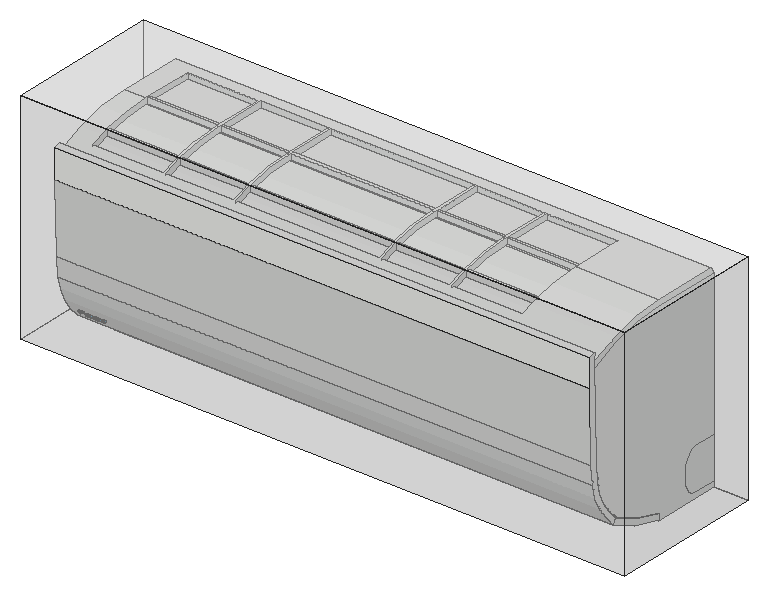
Revit family "outputfile", category 機械設備, Revit 2024 (continued)
Definition of nested family "DAIKIN_indoorunit_CTKM-VVMG"
  Automatic sketch dimensions
    Extrusion 22 sketch curve to plane 1 "Center (Front/Back)" = 0.0 mm
    Extrusion 22 sketch curve to Extrusion 22 sketch curve = 20.0 mm  (x2)
    Extrusion 22 sketch curve to level = 287.035 mm
    Extrusion 23 sketch curve to plane 1 "Center (Front/Back)" = 0.0 mm
    Extrusion 23 sketch curve to Extrusion 23 sketch curve = 20.0 mm  (x2)
    Extrusion 23 sketch curve to level = 287.035 mm
    plane 1 "Center (Front/Back)" to Extrusion 24 sketch curve = 0.0 mm  (x2)
    plane 3 "Center (Left/Right)" to Extrusion 24 sketch curve = 469.0 mm
    Extrusion 24 sketch curve to Extrusion 24 sketch curve = 20.0 mm  (x4)
    Extrusion 24 sketch curve to plane 3 "Center (Left/Right)" = 409.0 mm
  Nested families
    nested 1: "daikin_logo_plane_w40" at (-320, -198.871, -233.244) x (1, 0, 0) z (0, -0.7841, -0.6206), visible <- "switch_unit1_25-50", type "daikin_logo_plane_w40"
      with show_logo yes
    nested 2: "daikin_logo_plane_w40" at (-430, -237.74, -233.244) x (1, 0, 0) z (0, -0.7841, -0.6206), visible <- "switch_unit1_60-71", type "daikin_logo_plane_w40"
      with show_logo yes
  Definition of nested family "daikin_logo_plane_w40"
    Parameters (values of type "daikin_logo_plane_w40")
      width = 40.0 mm
      show_logo [instance] = yes
      material = none
      height = 0.0 mm
      depth = 0.0 mm
      Default Elevation = 1219.2 mm
    Reference planes
      plane 1 "Center (Front/Back)": y = 0
      plane 2: z = 0
      plane 3 "Center (Left/Right)": x = 0
      plane 4: z = 2
      plane 5 "left": x = -19
      plane 6: x = 19
    Forms (mm)
      Extrusion 1, solid, visible <- "show_logo"
        sketch origin (-19, 0, 0) x (1, 0, 0) y (0, 1, 0)
          loop
            line (8.902, -1.878) -> (7.789, -6.332) -> (11.13, -6.332)
            arc (11.13, -6.332) -> (12.454, -6.064) -> (13.472, -5.176) r 2.642
            arc (13.472, -5.176) -> (13.92, -4.02) -> (13.767, -2.79) r 2.537
            arc (13.767, -2.79) -> (13.452, -2.342) -> (12.982, -2.06) r 1.321
            arc (12.982, -2.06) -> (12.063, -1.902) -> (11.13, -1.878) r 6.479
            line (11.13, -1.878) -> (8.902, -1.878)
          loop
            line (10.016, -5.441) -> (10.907, -5.441)
            arc (10.907, -5.441) -> (11.591, -4.983) -> (11.988, -4.261) r 1.742
            spline (11.988, -4.261) -> (12.01, -4.155) -> (12.027, -4.03) -> (12.037, -3.893) -> (12.037, -3.747) -> (12.026, -3.598) -> (12.002, -3.451) -> (11.962, -3.31) -> (11.905, -3.181) -> (11.829, -3.069) -> (11.731, -2.978) -> (11.61, -2.913) -> (11.464, -2.88)
            line (11.464, -2.88) -> (10.573, -2.88) -> (10.016, -5.441)
          loop
            line (13.58, -6.332) -> (14.805, -6.332) -> (15.223, -5.553) -> (16.977, -5.553) -> (17.144, -6.332) -> (19.149, -6.332) -> (18.258, -1.878) -> (16.03, -1.878) -> (13.58, -6.332)
          loop
            line (16.476, -3.214) -> (15.76, -4.551) -> (16.762, -4.551) -> (16.476, -3.214)
          loop
            line (19.705, -6.332) -> (21.599, -6.332) -> (22.712, -1.878) -> (20.819, -1.878) -> (19.705, -6.332)
          loop
            line (22.712, -6.332) -> (24.606, -6.332) -> (24.908, -5.122) -> (25.831, -6.332) -> (28.17, -6.332) -> (26.388, -3.994) -> (28.949, -1.878) -> (26.945, -1.878) -> (25.401, -3.153) -> (25.719, -1.878) -> (23.826, -1.878) -> (22.712, -6.332)
          loop
            line (29.84, -1.878) -> (28.615, -6.332) -> (30.62, -6.332) -> (31.734, -1.878) -> (29.84, -1.878)
          loop
            line (31.734, -6.332) -> (33.07, -6.332) -> (33.7, -3.814) -> (34.518, -6.332) -> (36.745, -6.332) -> (37.859, -1.878) -> (36.523, -1.878) -> (35.845, -4.589) -> (34.963, -1.878) -> (32.847, -1.878) -> (31.734, -6.332)
        from 0 to 2
      Extrusion 2, solid, visible <- "show_logo"
        sketch origin (-19, 0, 0) x (1, 0, 0) y (0, 1, 0)
          loop
            line (8.7, 0) -> (4.235, 0) -> (0, -3.879) -> (0, -8) -> (8.7, 0)
        from 0 to 2
      Extrusion 3, solid, visible <- "show_logo"
        sketch origin (-19, 0, 0) x (1, 0, 0) y (0, 1, 0)
          loop
            line (0, 0) -> (0, -3.879) -> (4.235, 0) -> (0, 0)
        from 0 to 2
    Dimensions and locks
      plane 4 to plane 2 = 2.0 mm
      equal spacing: plane 5 "left", plane 3 "Center (Left/Right)", plane 6
      locked: plane 5 "left" to plane 6 at 38
      aligned and locked: level to plane 2
      aligned and locked: Extrusion 3 to plane 1 "Center (Front/Back)"  (x2)
      aligned and locked: Extrusion 2 to plane 1 "Center (Front/Back)"  (x2)
      aligned and locked: plane 4 to Extrusion 1
      aligned and locked: plane 4 to Extrusion 3
      aligned and locked: plane 4 to Extrusion 2
      aligned and locked: Extrusion 3 to plane 5 "left"
      aligned and locked: Extrusion 2 to plane 5 "left"
    Automatic sketch dimensions
      Extrusion 1 sketch curve to Extrusion 1 sketch curve = 0.901 mm
      Extrusion 1 sketch curve to Extrusion 1 sketch curve = 1.559 mm
      Extrusion 1 sketch curve to Extrusion 1 sketch curve = 1.327 mm
      Extrusion 1 sketch curve to Extrusion 1 sketch curve = 2.145 mm
      Extrusion 1 sketch curve to Extrusion 1 sketch curve = 1.448 mm
      Extrusion 1 sketch curve to Extrusion 1 sketch curve = 2.116 mm
      Extrusion 1 sketch curve to Extrusion 1 sketch curve = 1.114 mm  (x4)
      Extrusion 1 sketch curve to Extrusion 1 sketch curve = 1.336 mm  (x2)
      plane 1 "Center (Front/Back)" to Extrusion 1 sketch curve = 1.878 mm  (x5)
      Extrusion 1 sketch curve to Extrusion 1 sketch curve = 1.893 mm  (x5)
      Extrusion 1 sketch curve to Extrusion 1 sketch curve = 0.891 mm  (x4)
      Extrusion 1 sketch curve to Extrusion 1 sketch curve = 2.005 mm  (x3)
      Extrusion 1 sketch curve to Extrusion 1 sketch curve = 0.445 mm  (x2)
      plane 1 "Center (Front/Back)" to Extrusion 1 sketch curve = 3.994 mm
      Extrusion 1 sketch curve to Extrusion 1 sketch curve = 0.557 mm  (x2)
      Extrusion 1 sketch curve to Extrusion 1 sketch curve = 2.339 mm  (x2)
      Extrusion 1 sketch curve to Extrusion 1 sketch curve = 1.225 mm  (x3)
      plane 1 "Center (Front/Back)" to Extrusion 1 sketch curve = 3.153 mm
      Extrusion 1 sketch curve to Extrusion 1 sketch curve = 0.987 mm
      plane 1 "Center (Front/Back)" to Extrusion 1 sketch curve = 5.122 mm
      Extrusion 1 sketch curve to Extrusion 1 sketch curve = 0.922 mm
      plane 1 "Center (Front/Back)" to Extrusion 1 sketch curve = 6.332 mm
      Extrusion 1 sketch curve to Extrusion 1 sketch curve = 2.562 mm
      plane 1 "Center (Front/Back)" to Extrusion 1 sketch curve = 5.553 mm
      Extrusion 1 sketch curve to Extrusion 1 sketch curve = 0.167 mm
      Extrusion 1 sketch curve to Extrusion 1 sketch curve = 0.215 mm
      plane 1 "Center (Front/Back)" to Extrusion 1 sketch curve = 3.214 mm
      Extrusion 1 sketch curve to Extrusion 1 sketch curve = 0.286 mm
      plane 1 "Center (Front/Back)" to Extrusion 1 sketch curve = 4.551 mm
      Extrusion 1 sketch curve to Extrusion 1 sketch curve = 1.002 mm
      Extrusion 1 sketch curve to Extrusion 1 sketch curve = 0.537 mm
      Extrusion 1 sketch curve to Extrusion 1 sketch curve = 0.418 mm
      Extrusion 1 sketch curve to Extrusion 1 sketch curve = 1.028 mm
      plane 1 "Center (Front/Back)" to Extrusion 1 sketch curve = 4.261 mm
      Extrusion 1 sketch curve to Extrusion 1 sketch curve = 0.563 mm
      plane 1 "Center (Front/Back)" to Extrusion 1 sketch curve = 2.88 mm
      Extrusion 1 sketch curve to Extrusion 1 sketch curve = 1.088 mm
      Extrusion 1 sketch curve to Extrusion 1 sketch curve = 2.152 mm
      Extrusion 1 sketch curve to Extrusion 1 sketch curve = 0.586 mm
      Extrusion 1 sketch curve to Extrusion 1 sketch curve = 0.118 mm
      Extrusion 1 sketch curve to Extrusion 1 sketch curve = 0.298 mm
      Extrusion 1 sketch curve to Extrusion 1 sketch curve = 0.334 mm
      Extrusion 1 sketch curve to Extrusion 1 sketch curve = 0.223 mm
      Extrusion 1 sketch curve to Extrusion 1 sketch curve = 0.266 mm
      Extrusion 1 sketch curve to Extrusion 1 sketch curve = 1.671 mm
      Extrusion 1 sketch curve to Extrusion 1 sketch curve = 2.227 mm
      Extrusion 1 sketch curve to Extrusion 1 sketch curve = 0.0 mm  (x7)
      Extrusion 1 sketch curve to Extrusion 1 sketch curve = 3.453 mm
      Extrusion 1 sketch curve to Extrusion 1 sketch curve = 2.017 mm
      Extrusion 1 sketch curve to Extrusion 1 sketch curve = 0.78 mm  (x2)
      Extrusion 1 sketch curve to Extrusion 1 sketch curve = 1.743 mm
      Extrusion 1 sketch curve to Extrusion 1 sketch curve = 0.775 mm
      Extrusion 1 sketch curve to Extrusion 1 sketch curve = 0.552 mm
      Extrusion 1 sketch curve to Extrusion 1 sketch curve = 0.014 mm
      Extrusion 1 sketch curve to Extrusion 1 sketch curve = 0.952 mm
      Extrusion 1 sketch curve to Extrusion 1 sketch curve = 1.215 mm
      Extrusion 1 sketch curve to Extrusion 1 sketch curve = 0.108 mm
      plane 1 "Center (Front/Back)" to Extrusion 2 sketch curve = 0.0 mm
      Extrusion 2 sketch curve to plane 3 "Center (Left/Right)" = 19.0 mm
      Extrusion 2 sketch curve to plane 3 "Center (Left/Right)" = 14.765 mm
      Extrusion 2 sketch curve to Extrusion 2 sketch curve = 4.465 mm
      plane 1 "Center (Front/Back)" to Extrusion 2 sketch curve = 3.879 mm
      Extrusion 2 sketch curve to Extrusion 2 sketch curve = 4.12 mm
      plane 1 "Center (Front/Back)" to Extrusion 3 sketch curve = 0.0 mm
      Extrusion 3 sketch curve to plane 3 "Center (Left/Right)" = 19.0 mm
      Extrusion 3 sketch curve to plane 3 "Center (Left/Right)" = 14.765 mm
      plane 1 "Center (Front/Back)" to Extrusion 3 sketch curve = 3.879 mm
      Extrusion 1 sketch curve to plane 3 "Center (Left/Right)" = 11.211 mm
      Extrusion 1 sketch curve to Extrusion 1 sketch curve = 1.782 mm
Definition of nested family "daikin_connector_rotate3"
  Parameters (values of type "daikin_connector_rotate3")
    show [instance] = yes
    radius [instance] = 10.0 mm
    length [instance] = 600.0 mm
    angle_horizontal [instance] = 60.00°
    angle_vertical [instance] = 90.00°
    Default Elevation = 1219.2 mm
  Reference planes
    plane 1 "Center (Front/Back)": y = 0
    plane 2: z = 0
    plane 3 "Center (Left/Right)": x = 0
  Dimensions and locks
    "angle_horizontal": angle plane 3 "Center (Left/Right)" to nested 1
    aligned and locked: level to plane 2
    aligned and locked: plane 1 "Center (Front/Back)" to nested 1  (x2)
    aligned and locked: plane 3 "Center (Left/Right)" to nested 1
  Nested families
    nested 1: "daikin_connector_rotate2" at (0, 0, 0) x (0.5, 0.866, 0) z (0, 0, 1), angle_vertical <- "angle_vertical", length <- "length", radius <- "radius", type "daikin_connector_rotate2"
      with radius 10.0 mm, length 600.0 mm, angle_vertical 90.00°
  Definition of nested family "daikin_connector_rotate2"
    Parameters (values of type "daikin_connector_rotate2")
      show_face = yes
      radius [instance] = 10.0 mm
      length [instance] = 600.0 mm
      d_surface = 10.0 mm
      angle_vertical [instance] = 90.00°
      Default Elevation = 0.0 mm
    Reference planes
      plane 1 "Center (Front/Back)": y = 0
      plane 2: z = 0
      plane 3 "Center (Left/Right)": x = 0
    Forms (mm)
      Extrusion 1, solid, visible <- "show_face"
        sketch origin (0, -600, 0) x (1, 0, 0) y (0, 0, 1)
          loop
            circle (0, 0) r 10
        from 0 to -10
    Lines and regions (mm)
      reference lines
        curve 1: line (0, 0, 0) -> (0, -600, 0)
      symbolic lines
        curve 2: circle (0, 0, 0) r 5 normal (0, 0, 1)
      model lines, visible <- "show_face"
        curve 3: line (0, 0, 0) -> (0, -600, 0)
    Dimensions and locks
      "length": curve 1 to curve 1
      "length": curve 3 to curve 3
      "d_surface": Extrusion 1 to Extrusion 1
      "radius": radius of Extrusion 1 sketch curve
      "angle_vertical": angle curve 1 to plane 1 "Center (Front/Back)"
      "angle_vertical": angle curve 3 to plane 1 "Center (Front/Back)"
      aligned and locked: level to plane 2
      aligned and locked: plane 1 "Center (Front/Back)" to curve 1
      aligned and locked: plane 2 to curve 1
      aligned and locked: plane 1 "Center (Front/Back)" to curve 2
      aligned and locked: plane 3 "Center (Left/Right)" to curve 2
      aligned and locked: plane 1 "Center (Front/Back)" to curve 3
      aligned and locked: plane 2 to curve 3
      aligned and locked: Extrusion 1 to Extrusion 1
    Automatic sketch dimensions
      Extrusion 1 sketch curve to level = 0.0 mm
      Extrusion 1 sketch curve to plane 3 "Center (Left/Right)" = 0.0 mm
      radius of curve 2 = 5.0 mm
